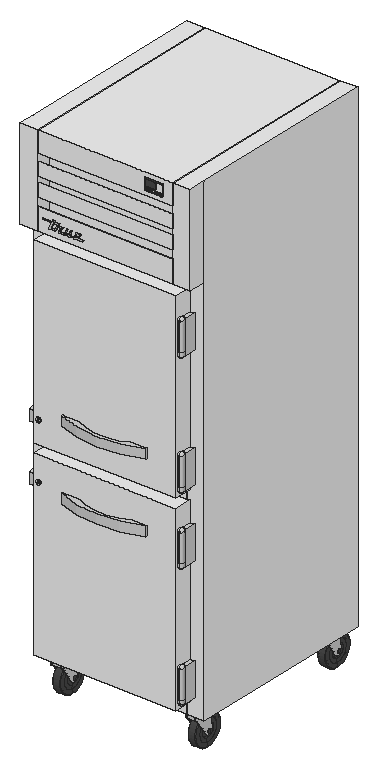
Revit family (continued)
Automatic sketch dimensions
  Revolve 26 sketch curve to Revolve 26 sketch curve = 0.92798"
  Revolve 26 sketch curve to Revolve 26 sketch curve = 0.06101"
  Revolve 26 sketch curve to Revolve 26 sketch curve = 1/2"
  Revolve 26 sketch curve to Revolve 26 sketch curve = 0.16509"
  Revolve 26 sketch curve to Revolve 26 sketch curve = 0.39592"
  level to Revolve 26 sketch curve = 2 1/2"
  Revolve 26 sketch curve to Revolve 26 sketch curve = 0.29941"  (x2)
  Revolve 26 sketch curve to Revolve 26 sketch curve = 3/4"  (x4)
  Revolve 26 sketch curve to Revolve 26 sketch curve = 0.59652"
  Revolve 26 sketch curve to Revolve 26 sketch curve = 0.60059"
  Extrusion 27 sketch curve to plane 7 = 0.63926"  (x2)
  Extrusion 27 sketch curve to plane 5 "FRONT" = 3.79864"
  Extrusion 27 sketch curve to Extrusion 27 sketch curve = 1/4"  (x2)
  level to Extrusion 27 sketch curve = 2.18736"  (x2)
  Extrusion 27 sketch curve to Extrusion 27 sketch curve = 1.7492"
  Extrusion 27 sketch curve to Extrusion 27 sketch curve = 0.50669"  (x2)
  Extrusion 27 sketch curve to Extrusion 27 sketch curve = 2 1/2"
  level to Extrusion 27 sketch curve = 2.59003"
  Extrusion 27 sketch curve to Extrusion 27 sketch curve = 0.59966"  (x2)
  plane 1 "BACK" to Extrusion 27 sketch curve = 3.8577"
  plane 1 "BACK" to Extrusion 27 sketch curve = 1.8585"
  plane 1 "BACK" to Extrusion 27 sketch curve = 1.1077"
  Extrusion 27 sketch curve to Extrusion 27 sketch curve = 0.32905"
  Extrusion 27 sketch curve to Extrusion 27 sketch curve = 0.60485"  (x2)
  Extrusion 28 sketch curve to plane 7 = 0.63926"  (x2)
  Extrusion 28 sketch curve to plane 5 "FRONT" = 3.79864"
  Extrusion 28 sketch curve to Extrusion 28 sketch curve = 1/4"  (x2)
  level to Extrusion 28 sketch curve = 2.18736"  (x2)
  Extrusion 28 sketch curve to Extrusion 28 sketch curve = 1.7492"
  Extrusion 28 sketch curve to Extrusion 28 sketch curve = 0.50669"  (x2)
  Extrusion 28 sketch curve to Extrusion 28 sketch curve = 2 1/2"
  level to Extrusion 28 sketch curve = 2.59003"
  Extrusion 28 sketch curve to Extrusion 28 sketch curve = 0.59966"  (x2)
  plane 1 "BACK" to Extrusion 28 sketch curve = 3.8577"
  plane 1 "BACK" to Extrusion 28 sketch curve = 1.8585"
  plane 1 "BACK" to Extrusion 28 sketch curve = 1.1077"
  Extrusion 28 sketch curve to Extrusion 28 sketch curve = 0.32905"
  Extrusion 28 sketch curve to Extrusion 28 sketch curve = 0.60485"  (x2)
  Revolve 29 sketch curve to plane 7 = 0.62954"
  Revolve 29 sketch curve to plane 4 "RIGHT" = 4.14082"
  Revolve 29 sketch curve to Revolve 29 sketch curve = 1.29707"
  Revolve 29 sketch curve to Revolve 29 sketch curve = 0"
  Revolve 29 sketch curve to Revolve 29 sketch curve = 0.10278"
  Revolve 29 sketch curve to plane 7 = 0.00141"
  plane 7 to Revolve 29 sketch curve = 0.26768"
  Revolve 30 sketch curve to level = 0"
  Revolve 30 sketch curve to plane 7 = 0"
  Revolve 30 sketch curve to plane 4 "RIGHT" = 4.17713"
  level to Revolve 30 sketch curve = 1"
  Revolve 30 sketch curve to plane 4 "RIGHT" = 3 19/32"
  Revolve 30 sketch curve to Revolve 30 sketch curve = 1/4"
  Revolve 30 sketch curve to Revolve 30 sketch curve = 1/2"
  Revolve 30 sketch curve to Revolve 30 sketch curve = 0"
  Revolve 30 sketch curve to Revolve 30 sketch curve = 5/8"
  plane 7 to Revolve 30 sketch curve = 1 25/32"
  Revolve 31 sketch curve to level = 0"
  Revolve 31 sketch curve to plane 7 = 0"
  Revolve 31 sketch curve to plane 4 "RIGHT" = 4.17713"
  level to Revolve 31 sketch curve = 1"
  Revolve 31 sketch curve to plane 4 "RIGHT" = 3 19/32"
  Revolve 31 sketch curve to Revolve 31 sketch curve = 1/4"
  Revolve 31 sketch curve to Revolve 31 sketch curve = 1/2"
  Revolve 31 sketch curve to Revolve 31 sketch curve = 0"
  Revolve 31 sketch curve to Revolve 31 sketch curve = 5/8"
  plane 7 to Revolve 31 sketch curve = 1 25/32"
  Revolve 32 sketch curve to plane 7 = 0.62954"
  Revolve 32 sketch curve to plane 4 "RIGHT" = 4.14082"
  Revolve 32 sketch curve to Revolve 32 sketch curve = 1.29707"
  Revolve 32 sketch curve to Revolve 32 sketch curve = 0"
  Revolve 32 sketch curve to Revolve 32 sketch curve = 0.10278"
  Revolve 32 sketch curve to plane 7 = 0.00141"
  plane 7 to Revolve 32 sketch curve = 0.26768"
  Extrusion 33 sketch curve to plane 7 = 0.63926"  (x2)
  Extrusion 33 sketch curve to plane 5 "FRONT" = 3.79864"
  Extrusion 33 sketch curve to Extrusion 33 sketch curve = 1/4"  (x2)
  Extrusion 33 sketch curve to Extrusion 33 sketch curve = 2 1/2"
  Extrusion 33 sketch curve to plane 7 = 0.93273"  (x2)
  Extrusion 33 sketch curve to Extrusion 33 sketch curve = 0.03603"
  plane 1 "BACK" to Extrusion 33 sketch curve = 3.8577"
  Extrusion 33 sketch curve to plane 7 = 1.24411"
  plane 1 "BACK" to Extrusion 33 sketch curve = 1.1077"
  Revolve 34 sketch curve to plane 4 "RIGHT" = 4.35148"
  Revolve 34 sketch curve to Revolve 34 sketch curve = 0.48273"
  Revolve 34 sketch curve to Revolve 34 sketch curve = 0.4"
  Revolve 34 sketch curve to Revolve 34 sketch curve = 0"  (x2)
  Revolve 34 sketch curve to Revolve 34 sketch curve = 0.1"  (x2)
  Revolve 34 sketch curve to Revolve 34 sketch curve = 0.16101"
  Revolve 34 sketch curve to Revolve 34 sketch curve = 0.75408"
  Revolve 34 sketch curve to Revolve 34 sketch curve = 0.92798"
  Revolve 34 sketch curve to Revolve 34 sketch curve = 0.06101"
  Revolve 34 sketch curve to Revolve 34 sketch curve = 1/2"
  Revolve 34 sketch curve to Revolve 34 sketch curve = 0.16509"
  Revolve 34 sketch curve to Revolve 34 sketch curve = 0.39592"
  level to Revolve 34 sketch curve = 2 1/2"
  Revolve 34 sketch curve to Revolve 34 sketch curve = 0.29941"  (x2)
  Revolve 34 sketch curve to Revolve 34 sketch curve = 3/4"  (x4)
  Revolve 34 sketch curve to Revolve 34 sketch curve = 0.59652"
  Revolve 34 sketch curve to Revolve 34 sketch curve = 0.60059"
  plane 3 "LEFT" to Revolve 35 sketch curve = 1.33602"
  Revolve 35 sketch curve to Revolve 35 sketch curve = 0.48273"
  Revolve 35 sketch curve to plane 8 = 5/8"  (x2)
  Revolve 35 sketch curve to Revolve 35 sketch curve = 0.1"  (x2)
  Revolve 35 sketch curve to Revolve 35 sketch curve = 0.16101"
  plane 8 to Revolve 35 sketch curve = 0.12908"
  plane 8 to Revolve 35 sketch curve = 0.46399"
  plane 8 to Revolve 35 sketch curve = 0.525"
  Revolve 35 sketch curve to Revolve 35 sketch curve = 1/2"
  Revolve 35 sketch curve to Revolve 35 sketch curve = 0.16509"
  Revolve 35 sketch curve to Revolve 35 sketch curve = 0.39592"
  level to Revolve 35 sketch curve = 2 1/2"
  Revolve 35 sketch curve to Revolve 35 sketch curve = 0"
  Revolve 35 sketch curve to Revolve 35 sketch curve = 0.29941"  (x2)
  Revolve 35 sketch curve to Revolve 35 sketch curve = 3/4"  (x4)
  Revolve 35 sketch curve to Revolve 35 sketch curve = 0.59652"
  Revolve 35 sketch curve to Revolve 35 sketch curve = 0.60059"
  Extrusion 36 sketch curve to plane 7 = 0.63926"  (x2)
  Extrusion 36 sketch curve to plane 5 "FRONT" = 3.79864"
  Extrusion 36 sketch curve to Extrusion 36 sketch curve = 1/4"  (x2)
  level to Extrusion 36 sketch curve = 2.18736"  (x2)
  Extrusion 36 sketch curve to Extrusion 36 sketch curve = 1.7492"
  Extrusion 36 sketch curve to Extrusion 36 sketch curve = 0.50669"  (x2)
  Extrusion 36 sketch curve to Extrusion 36 sketch curve = 2 1/2"
  level to Extrusion 36 sketch curve = 2.59003"
  Extrusion 36 sketch curve to Extrusion 36 sketch curve = 0.59966"  (x2)
  plane 1 "BACK" to Extrusion 36 sketch curve = 3.8577"
  plane 1 "BACK" to Extrusion 36 sketch curve = 1.8585"
  plane 1 "BACK" to Extrusion 36 sketch curve = 1.1077"
  Extrusion 36 sketch curve to Extrusion 36 sketch curve = 0.32905"
  Extrusion 36 sketch curve to Extrusion 36 sketch curve = 0.60485"  (x2)
  Extrusion 37 sketch curve to plane 7 = 0.63926"  (x2)
  Extrusion 37 sketch curve to plane 5 "FRONT" = 3.79864"
  Extrusion 37 sketch curve to Extrusion 37 sketch curve = 1/4"  (x2)
  level to Extrusion 37 sketch curve = 2.18736"  (x2)
  Extrusion 37 sketch curve to Extrusion 37 sketch curve = 1.7492"
  Extrusion 37 sketch curve to Extrusion 37 sketch curve = 0.50669"  (x2)
  Extrusion 37 sketch curve to Extrusion 37 sketch curve = 2 1/2"
  level to Extrusion 37 sketch curve = 2.59003"
  Extrusion 37 sketch curve to Extrusion 37 sketch curve = 0.59966"  (x2)
  plane 1 "BACK" to Extrusion 37 sketch curve = 3.8577"
  plane 1 "BACK" to Extrusion 37 sketch curve = 1.8585"
  plane 1 "BACK" to Extrusion 37 sketch curve = 1.1077"
  Extrusion 37 sketch curve to Extrusion 37 sketch curve = 0.32905"
  Extrusion 37 sketch curve to Extrusion 37 sketch curve = 0.60485"  (x2)
  Revolve 38 sketch curve to plane 8 = 0"  (x2)
  Revolve 38 sketch curve to plane 7 = 0.62954"
  Revolve 38 sketch curve to plane 8 = 1.29707"
  Revolve 38 sketch curve to Revolve 38 sketch curve = 0.10278"
  Revolve 38 sketch curve to plane 7 = 0.00141"
  plane 7 to Revolve 38 sketch curve = 0.26768"
  Revolve 39 sketch curve to level = 0"
  Revolve 39 sketch curve to plane 8 = 0"  (x2)
  Revolve 39 sketch curve to plane 8 = 1/2"
  Revolve 39 sketch curve to Revolve 39 sketch curve = 1/4"
  Revolve 39 sketch curve to plane 7 = 0"
  Revolve 39 sketch curve to plane 8 = 1.33338"
  level to Revolve 39 sketch curve = 1"
  Revolve 39 sketch curve to Revolve 39 sketch curve = 5/8"
  plane 7 to Revolve 39 sketch curve = 1 25/32"
  Revolve 40 sketch curve to level = 0"
  Revolve 40 sketch curve to plane 8 = 0"  (x2)
  Revolve 40 sketch curve to plane 8 = 1/2"
  Revolve 40 sketch curve to Revolve 40 sketch curve = 1/4"
  Revolve 40 sketch curve to plane 7 = 0"
  Revolve 40 sketch curve to plane 8 = 1.33338"
  level to Revolve 40 sketch curve = 1"
  Revolve 40 sketch curve to Revolve 40 sketch curve = 5/8"
  plane 7 to Revolve 40 sketch curve = 1 25/32"
  Revolve 41 sketch curve to plane 8 = 0"  (x2)
  Revolve 41 sketch curve to plane 7 = 0.62954"
  Revolve 41 sketch curve to plane 8 = 1.29707"
  Revolve 41 sketch curve to Revolve 41 sketch curve = 0.10278"
  Revolve 41 sketch curve to plane 7 = 0.00141"
  plane 7 to Revolve 41 sketch curve = 0.26768"
  Extrusion 42 sketch curve to plane 7 = 0.63926"  (x2)
  Extrusion 42 sketch curve to plane 5 "FRONT" = 3.79864"
  Extrusion 42 sketch curve to Extrusion 42 sketch curve = 1/4"  (x2)
  Extrusion 42 sketch curve to Extrusion 42 sketch curve = 2 1/2"
  Extrusion 42 sketch curve to plane 7 = 0.93273"  (x2)
  Extrusion 42 sketch curve to Extrusion 42 sketch curve = 0.03603"
  plane 1 "BACK" to Extrusion 42 sketch curve = 3.8577"
  Extrusion 42 sketch curve to plane 7 = 1.24411"
  plane 1 "BACK" to Extrusion 42 sketch curve = 1.1077"
  plane 3 "LEFT" to Revolve 43 sketch curve = 1.33602"
  Revolve 43 sketch curve to Revolve 43 sketch curve = 0.48273"
  Revolve 43 sketch curve to plane 8 = 5/8"  (x2)
  Revolve 43 sketch curve to Revolve 43 sketch curve = 0.1"  (x2)
  Revolve 43 sketch curve to Revolve 43 sketch curve = 0.16101"
  plane 8 to Revolve 43 sketch curve = 0.12908"
  plane 8 to Revolve 43 sketch curve = 0.46399"
  plane 8 to Revolve 43 sketch curve = 0.525"
  Revolve 43 sketch curve to Revolve 43 sketch curve = 1/2"
  Revolve 43 sketch curve to Revolve 43 sketch curve = 0.16509"
  Revolve 43 sketch curve to Revolve 43 sketch curve = 0.39592"
  level to Revolve 43 sketch curve = 2 1/2"
  Revolve 43 sketch curve to Revolve 43 sketch curve = 0"
  Revolve 43 sketch curve to Revolve 43 sketch curve = 0.29941"  (x2)
  Revolve 43 sketch curve to Revolve 43 sketch curve = 3/4"  (x4)
  Revolve 43 sketch curve to Revolve 43 sketch curve = 0.59652"
  Revolve 43 sketch curve to Revolve 43 sketch curve = 0.60059"
  plane 5 "FRONT" to Extrusion 44 sketch curve = 0"
  Extrusion 44 sketch curve to plane 8 = 9/16"
  Extrusion 44 sketch curve to plane 4 "RIGHT" = 2 9/32"
  Extrusion 45 sketch curve to plane 8 = 0"
  Extrusion 45 sketch curve to plane 5 "FRONT" = 5.09023"
  Extrusion 46 sketch curve to plane 8 = 0"
  plane 1 "BACK" to Extrusion 46 sketch curve = 2.69102"
  Extrusion 47 sketch curve to plane 4 "RIGHT" = 2 27/32"
  plane 1 "BACK" to Extrusion 47 sketch curve = 2.69102"
  Extrusion 48 sketch curve to plane 4 "RIGHT" = 2 27/32"
  Extrusion 48 sketch curve to plane 5 "FRONT" = 5.09023"
  plane 8 to Extrusion 49 sketch curve = 0.1984"
  plane 8 to Extrusion 49 sketch curve = 7/32"
  Extrusion 49 sketch curve to Extrusion 49 sketch curve = 0.0555"
  plane 7 to Extrusion 49 sketch curve = 26.91365"
  Extrusion 49 sketch curve to Extrusion 49 sketch curve = 0.27385"
  Extrusion 49 sketch curve to Extrusion 49 sketch curve = 0.29355"
  Blend 50 sketch curve to plane 8 = 9/16"  (x2)
  Blend 50 sketch curve to Blend 50 sketch curve = 3/4"
  plane 7 to Blend 50 sketch curve = 28.00831"
  Blend 50 sketch curve to Blend 50 sketch curve = 1 3/4"
  Blend 50 sketch curve to Blend 50 sketch curve = 0.93223"
  plane 7 to Blend 50 sketch curve = 28.6059"
  Blend 50 sketch curve to Blend 50 sketch curve = 2.78233"
  plane 5 "FRONT" to Extrusion 51 sketch curve = 0"  (x2)
  plane 8 to Extrusion 51 sketch curve = 4.10625"
  Extrusion 51 sketch curve to Extrusion 51 sketch curve = 2.4"  (x2)
  plane 8 to Extrusion 51 sketch curve = 10 29/32"
  Extrusion 51 sketch curve to Extrusion 51 sketch curve = 0"
  Extrusion 51 sketch curve to Extrusion 51 sketch curve = 0.2"
  Extrusion 51 sketch curve to plane 5 "FRONT" = 7.77899"
  Extrusion 51 sketch curve to Extrusion 51 sketch curve = 7.30945"
  Extrusion 6 sketch curve to plane 8 = 9/16"  (x2)
  Extrusion 6 sketch curve to plane 4 "RIGHT" = 2 9/32"
  plane 7 to Extrusion 6 sketch curve = 1 29/32"
  Extrusion 6 sketch curve to Extrusion 6 sketch curve = 1 1/2"
  Extrusion 6 sketch curve to plane 6 "TOP" = 16 5/32"
  Extrusion 6 sketch curve to Extrusion 6 sketch curve = 29 7/32"
  plane 5 "FRONT" to Extrusion 52 sketch curve = 0"
  Extrusion 52 sketch curve to plane 8 = 9/16"
  Extrusion 52 sketch curve to plane 4 "RIGHT" = 2 9/32"
  radius of Extrusion 8 sketch curve = 0.35"
  radius of Extrusion 12 sketch curve = 1/4"
  radius of Extrusion 45 sketch curve = 1 1/2"
  radius of Extrusion 46 sketch curve = 1 1/2"
  radius of Extrusion 47 sketch curve = 1 1/2"
  radius of Extrusion 48 sketch curve = 1 1/2"
  radius of Extrusion 49 sketch curve = 0.35"
Connectors (in)
  electrical at (24.25, -0.0625, 82), driven by "Volts", driven by "Watts"
    settings: on Extrusion 12, index 1, voltage 208 V, apparent load 1500 VA, apparent load phase1 0 VA, apparent load phase2 0 VA, apparent load phase3 0 VA, power factor 1, load classification "Other", number of poles 1, system type 30, power factor state 1, is connector primary yes, connector utility no, sub classification motor no, connector description "Electrical Connection"
